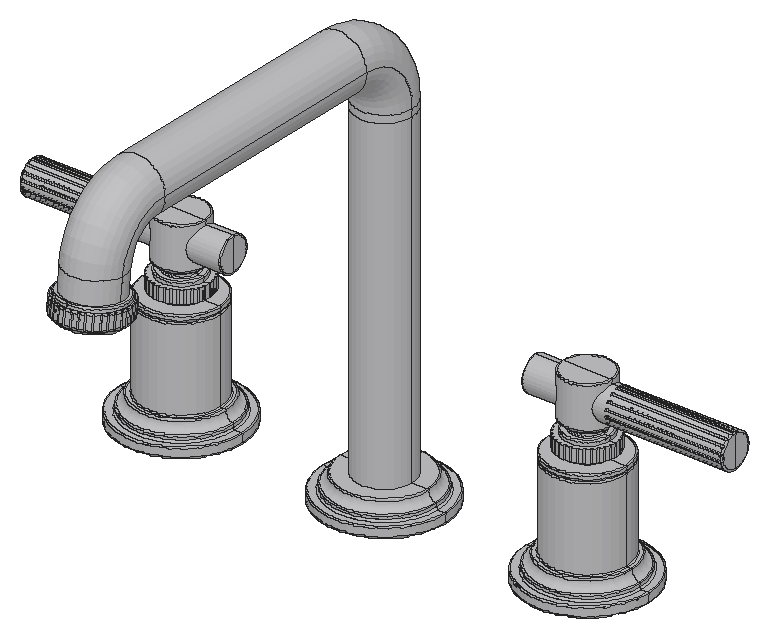
Revit family "Faucet-Deck_Mount-Bath-KALLISTA-Central_Park_West-P21247", category Plumbing Fixtures, host Face, Revit 2021 (continued)
Definition of nested family "P21247_Spout"
  Lines and regions (in)
    symbolic lines, detail levels medium+fine
      curve 165: line (0, -7.27772, 6.74519) -> (0, -7.30055, 6.48425)
      curve 166: line (0, -7.33444, 6.48721) -> (0, -7.31161, 6.74816)
      curve 167: line (0, -7.39409, 6.75538) -> (0, -7.41692, 6.49443)
      curve 168: line (0, -7.44925, 6.49726) -> (0, -7.42642, 6.7582)
      curve 169: line (0, -7.42642, 6.7582) -> (0, -7.39409, 6.75538)
      curve 170: line (0, -7.31161, 6.74816) -> (0, -7.27772, 6.74519)
      curve 171: line (0, -7.30055, 6.48425) -> (0, -7.33444, 6.48721)
      curve 172: line (0, -7.41692, 6.49443) -> (0, -7.44925, 6.49726)
      curve 173: line (0, -7.50332, 6.77054) -> (0, -7.52726, 6.497)
      curve 174: line (0, -7.55706, 6.49961) -> (0, -7.53313, 6.77315)
      curve 175: line (0, -7.60308, 6.77918) -> (0, -7.6272, 6.50343)
      curve 176: line (0, -7.65356, 6.50573) -> (0, -7.62944, 6.78148)
      curve 177: line (0, -7.68955, 6.78981) -> (0, -7.71427, 6.5072)
      curve 178: line (0, -7.73639, 6.50914) -> (0, -7.71167, 6.79175)
      curve 179: line (0, -7.76032, 6.7998) -> (0, -7.78552, 6.51171)
      curve 180: line (0, -7.80273, 6.51322) -> (0, -7.77752, 6.8013)
      curve 181: line (0, -7.85045, 6.5189) -> (0, -7.82549, 6.80421)
      curve 182: line (0, -7.87863, 6.52018) -> (0, -7.85341, 6.80845)
      curve 183: line (0, -7.83989, 6.80727) -> (0, -7.8649, 6.51898)
      curve 184: line (0, -7.8067, 6.80257) -> (0, -7.83167, 6.51726)
      curve 185: arc (0, -7.53313, 6.77315) -> (0, -7.51692, 6.78675) -> (0, -7.50332, 6.77054) r 0.01496
      curve 186: arc (0, -7.62944, 6.78148) -> (0, -7.61511, 6.79351) -> (0, -7.60308, 6.77918) r 0.01323
      curve 187: arc (0, -7.71167, 6.79175) -> (0, -7.69964, 6.80184) -> (0, -7.68955, 6.78981) r 0.0111
      curve 188: arc (0, -7.71427, 6.5072) -> (0, -7.7263, 6.49711) -> (0, -7.73639, 6.50914) r 0.0111
      curve 189: arc (0, -7.6272, 6.50343) -> (0, -7.64154, 6.4914) -> (0, -7.65356, 6.50573) r 0.01323
      curve 190: arc (0, -7.52726, 6.497) -> (0, -7.54346, 6.4834) -> (0, -7.55706, 6.49961) r 0.01496
      curve 191: arc (0, -7.77752, 6.8013) -> (0, -7.76817, 6.80915) -> (0, -7.76032, 6.7998) r 0.00864
      curve 192: arc (0, -7.82549, 6.80421) -> (0, -7.81527, 6.81278) -> (0, -7.8067, 6.80257) r 0.00943
      curve 193: arc (0, -7.85341, 6.80845) -> (0, -7.84606, 6.81461) -> (0, -7.83989, 6.80727) r 0.00678
      curve 194: arc (0, -7.78552, 6.51171) -> (0, -7.79488, 6.50386) -> (0, -7.80273, 6.51322) r 0.00864
      curve 195: arc (0, -7.83167, 6.51726) -> (0, -7.84188, 6.50869) -> (0, -7.85045, 6.5189) r 0.00943
      curve 196: arc (0, -7.8649, 6.51898) -> (0, -7.87236, 6.51271) -> (0, -7.87863, 6.52018) r 0.00689
      curve 197: line (0, -7.64299, 6.49035) -> (0, -7.64929, 6.41835)
      curve 198: line (0, -7.59407, 6.41352) -> (0, -7.58777, 6.48552)
      curve 199: line (0, -7.54351, 6.4091) -> (0, -7.53721, 6.48109)
      curve 200: line (0, -7.4566, 6.40149) -> (0, -7.45031, 6.47349)
      curve 201: line (0, -7.23409, 6.45457) -> (0, -7.24039, 6.38258)
      curve 202: line (0, -7.17272, 6.37666) -> (0, -7.16642, 6.44865)
      curve 203: line (0, -6.95657, 6.35775) -> (0, -6.95027, 6.42974)
      curve 204: line (0, -6.86337, 6.42214) -> (0, -6.86967, 6.35014)
      curve 205: line (0, -6.81924, 6.34573) -> (0, -6.81294, 6.41773)
      curve 206: line (0, -6.764, 6.3409) -> (0, -6.75771, 6.41289)
  Dimensions and locks (in)
    plane 6 to level = 8.76772"
    plane 1 "Center (Front/Back)" to plane 9 = 7.20472"
    plane 10 to level = 6.40157"
    plane 4 to plane 5 = 2.42126"
    plane 11 to plane 1 "Center (Front/Back)" = 7.88555"
    aligned and locked: plane 2 to level
    aligned and locked: plane 12 "C" to Revolve 3 sketch curve
    aligned and locked: Revolve 4 sketch curve to plane 12 "C"
Definition of nested family "P21247_Handle"
  Parameters (values of type "P21247_Handle")
    Material = none
    Default Elevation = 0"
  Reference planes (in)
    plane 1 "Center (Front/Back)": y = 0
    plane 2: z = 0
    plane 3 "Center (Left/Right)": x = 0
    plane 4: x = -1.21063
    plane 5: x = 1.21063
    plane 6: z = 8.76772
    plane 7: y = 1.21063
    plane 8: y = -1.21063
    plane 9: y = -7.20472
    plane 10: z = 6.40157
    plane 11: y = -7.87402
    plane 12 "C": through (0, -7.19938, 6.46273) normal (0, -0.9962, 0.0872)
    plane 13: z = 3.70079
    plane 14: x = -2.91732
    plane 15: z = 2.94882
    plane 16: z = 3.61447
    plane 17: z = 3.28134
  Forms (in)
    Revolve 1, solid, material <- "Material", detail levels medium+fine
      sketch origin (0, 0, 0) x (1, 0, 0) y (0, 0, 1)
        loop
          line (0, 0) -> (0, 3.70079) -> (-0.46331, 3.70079)
          arc (-0.46331, 3.70079) -> (-0.47723, 3.69502) -> (-0.483, 3.6811) r 0.01969
          line (-0.483, 3.6811) -> (-0.483, 2.88252)
          arc (-0.483, 2.88252) -> (-0.47701, 2.86806) -> (-0.46255, 2.86207) r 0.02045
          line (-0.46255, 2.86207) -> (-0.38807, 2.86207) -> (-0.38807, 2.81183)
          arc (-0.38807, 2.81183) -> (-0.38222, 2.7977) -> (-0.36809, 2.79184) r 0.01999
          line (-0.36809, 2.79184) -> (-0.32794, 2.79184)
          arc (-0.32794, 2.79184) -> (-0.31346, 2.78584) -> (-0.30746, 2.77136) r 0.02048
          line (-0.30746, 2.77136) -> (-0.30746, 2.70366)
          arc (-0.30746, 2.70366) -> (-0.31322, 2.68974) -> (-0.32714, 2.68397) r 0.01969
          line (-0.32714, 2.68397) -> (-0.42415, 2.68397)
          arc (-0.42415, 2.68397) -> (-0.43903, 2.67781) -> (-0.4452, 2.66292) r 0.02105
          line (-0.4452, 2.66292) -> (-0.4452, 2.60172) -> (-0.56021, 2.60172) -> (-0.56021, 2.35564) -> (-0.46395, 2.35564)
          arc (-0.46395, 2.35564) -> (-0.44986, 2.34981) -> (-0.44403, 2.33573) r 0.01992
          line (-0.44403, 2.33573) -> (-0.44403, 2.27377) -> (-0.75126, 2.27377)
          arc (-0.75126, 2.27377) -> (-0.7653, 2.26796) -> (-0.77111, 2.25392) r 0.01985
          line (-0.77111, 2.25392) -> (-0.77111, 2.1855)
          arc (-0.77111, 2.1855) -> (-0.76481, 2.17029) -> (-0.74961, 2.16399) r 0.0215
          line (-0.74961, 2.16399) -> (-0.69394, 2.16399) -> (-0.66537, 2.14399) -> (-0.75143, 2.14399)
          arc (-0.75143, 2.14399) -> (-0.76534, 2.13823) -> (-0.77111, 2.12431) r 0.01969
          line (-0.77111, 2.12431) -> (-0.77111, 0.5146)
          arc (-0.77111, 0.5146) -> (-0.77688, 0.50068) -> (-0.7908, 0.49492) r 0.01969
          line (-0.7908, 0.49492) -> (-0.86015, 0.49492)
          arc (-0.86015, 0.49492) -> (-0.87447, 0.48873) -> (-0.8798, 0.47406) r 0.01969
          arc (-0.8798, 0.47406) -> (-0.91253, 0.36392) -> (-1.00833, 0.30047) r 0.16826
          arc (-1.00833, 0.30047) -> (-1.02136, 0.29212) -> (-1.02642, 0.2775) r 0.02362
          line (-1.02642, 0.2775) -> (-1.02642, 0.22617)
          arc (-1.02642, 0.22617) -> (-1.03601, 0.20301) -> (-1.05917, 0.19342) r 0.03275
          line (-1.05917, 0.19342) -> (-1.19046, 0.19342)
          arc (-1.19046, 0.19342) -> (-1.20472, 0.18751) -> (-1.21063, 0.17324) r 0.02017
          line (-1.21063, 0.17324) -> (-1.21063, 0.01958)
          arc (-1.21063, 0.01958) -> (-1.2049, 0.00573) -> (-1.19105, 0) r 0.01958
          line (-1.19105, 0) -> (0, 0)
        axis (0, 3.70079) -> (0, 0)
      angle from 0 to 360
    Revolve 2, solid, material <- "Material", detail levels medium+fine
      sketch origin (0.1833, 0, 0) x (1, 0, 0) y (0, 0, 1)
        loop
          arc (-3.07218, 3.61447) -> (-3.09229, 3.60614) -> (-3.10062, 3.58602) r 0.02845
          line (-3.10062, 3.58602) -> (-3.10062, 3.28164) -> (0.85041, 3.28164) -> (0.85041, 3.59347)
          arc (0.85041, 3.59347) -> (0.84426, 3.60832) -> (0.82941, 3.61447) r 0.02099
          line (0.82941, 3.61447) -> (-3.07218, 3.61447)
        axis (-3.10062, 3.28164) -> (0.85041, 3.28164)
      angle from 0 to 360
    Extrusion 3, void
      sketch origin (0, 0, 0) x (1, 0, 0) y (0, 1, 0)
        loop
          arc (-0.02455, 0.55968) -> (-0.00406, 0.53935) -> (0.01611, 0.55998) r 0.02033
          arc (0.01611, 0.55998) -> (-0.00422, 0.5602) -> (-0.02455, 0.55968) r 0.56021
      from 2.35564 to 2.60172
    Extrusion 4, void
      sketch origin (0, 0, 0) x (1, 0, 0) y (0, 0, 1)
        loop
          circle (0, 0.28253) r 0.082
      from -1.3347 to -0.81609
    Extrusion 5, void
      sketch origin (0, 0, 0) x (1, 0, 0) y (0, 0, 1)
        loop
          line (-0.0002, 0.32603) -> (-0.0392, 0.30351) -> (-0.0392, 0.25848) -> (-0.0002, 0.23596) -> (0.0388, 0.25848) -> (0.0388, 0.30351) -> (-0.0002, 0.32603)
      from -0.73377 to -0.92691
    Extrusion 6, void
      sketch origin (0, 0, 0) x (1, 0, 0) y (0, 1, 0)
        loop
          arc (-0.23682, 0.5077) -> (-0.20904, 0.49501) -> (-0.19876, 0.52377) r 0.02073
          arc (-0.19876, 0.52377) -> (-0.21794, 0.51608) -> (-0.23682, 0.5077) r 0.56021
        loop
          arc (-0.3312, 0.45182) -> (-0.3018, 0.44629) -> (-0.29598, 0.47564) r 0.02126
          arc (-0.29598, 0.47564) -> (-0.31382, 0.46407) -> (-0.3312, 0.45182) r 0.56021
        loop
          arc (-0.38077, 0.41092) -> (-0.39465, 0.39761) -> (-0.40807, 0.38382) r 0.56021
          arc (-0.40807, 0.38382) -> (-0.37675, 0.37957) -> (-0.38077, 0.41092) r 0.01991
        loop
          arc (-0.47786, 0.29239) -> (-0.44934, 0.29817) -> (-0.45509, 0.3267) r 0.02059
          arc (-0.45509, 0.3267) -> (-0.46679, 0.30975) -> (-0.47786, 0.29239) r 0.56021
        loop
          arc (-0.55989, -0.01896) -> (-0.54093, 0) -> (-0.55989, 0.01896) r 0.01896
          arc (-0.55989, 0.01896) -> (-0.56021, 0) -> (-0.55989, -0.01896) r 0.56021
        loop
          arc (-0.51035, 0.23105) -> (-0.51817, 0.21292) -> (-0.52536, 0.19453) r 0.56021
          arc (-0.52536, 0.19453) -> (-0.49982, 0.20538) -> (-0.51035, 0.23105) r 0.01975
        loop
          arc (-0.54492, 0.13001) -> (-0.54942, 0.10946) -> (-0.55314, 0.08876) r 0.56021
          arc (-0.55314, 0.08876) -> (-0.52922, 0.10544) -> (-0.54492, 0.13001) r 0.02105
        loop
          arc (-0.55324, -0.08811) -> (-0.54964, -0.10834) -> (-0.5453, -0.12842) r 0.56021
          arc (-0.5453, -0.12842) -> (-0.52862, -0.1042) -> (-0.55324, -0.08811) r 0.02055
        loop
          arc (-0.52489, -0.19579) -> (-0.51793, -0.21351) -> (-0.51038, -0.23099) r 0.56021
          arc (-0.51038, -0.23099) -> (-0.49783, -0.20523) -> (-0.52489, -0.19579) r 0.01917
        loop
          arc (-0.47755, -0.29289) -> (-0.4664, -0.31033) -> (-0.45462, -0.32735) r 0.56021
          arc (-0.45462, -0.32735) -> (-0.44915, -0.29886) -> (-0.47755, -0.29289) r 0.0207
        loop
          arc (-0.41108, -0.3806) -> (-0.3984, -0.39385) -> (-0.38529, -0.40669) r 0.56021
          arc (-0.38529, -0.40669) -> (-0.3839, -0.37952) -> (-0.41108, -0.3806) r 0.01842
        loop
          arc (-0.32992, -0.45276) -> (-0.31368, -0.46416) -> (-0.29704, -0.47498) r 0.56021
          arc (-0.29704, -0.47498) -> (-0.30206, -0.44697) -> (-0.32992, -0.45276) r 0.01985
        loop
          arc (-0.23448, -0.50878) -> (-0.21728, -0.51636) -> (-0.19984, -0.52336) r 0.56021
          arc (-0.19984, -0.52336) -> (-0.20907, -0.49685) -> (-0.23448, -0.50878) r 0.01889
        loop
          arc (-0.13201, -0.54444) -> (-0.11339, -0.54862) -> (-0.09463, -0.55216) r 0.56021
          arc (-0.09463, -0.55216) -> (-0.10886, -0.52671) -> (-0.13201, -0.54444) r 0.01929
        loop
          arc (-0.02252, -0.55976) -> (-0.00354, -0.5602) -> (0.01545, -0.56) r 0.56021
          arc (0.01545, -0.56) -> (-0.00338, -0.53594) -> (-0.02252, -0.55976) r 0.0195
        loop
          arc (0.55989, -0.01896) -> (0.56021, 0) -> (0.55989, 0.01896) r 0.56021
          arc (0.55989, 0.01896) -> (0.54093, 0) -> (0.55989, -0.01896) r 0.01896
        loop
          arc (0.55324, -0.08811) -> (0.52862, -0.1042) -> (0.5453, -0.12842) r 0.02055
          arc (0.5453, -0.12842) -> (0.54964, -0.10834) -> (0.55324, -0.08811) r 0.56021
        loop
          arc (0.52489, -0.19579) -> (0.49783, -0.20523) -> (0.51038, -0.23099) r 0.01917
          arc (0.51038, -0.23099) -> (0.51793, -0.21351) -> (0.52489, -0.19579) r 0.56021
        loop
          arc (0.47755, -0.29289) -> (0.44915, -0.29886) -> (0.45462, -0.32735) r 0.0207
          arc (0.45462, -0.32735) -> (0.4664, -0.31033) -> (0.47755, -0.29289) r 0.56021
        loop
          arc (0.41108, -0.3806) -> (0.3839, -0.37952) -> (0.38529, -0.40669) r 0.01842
          arc (0.38529, -0.40669) -> (0.3984, -0.39385) -> (0.41108, -0.3806) r 0.56021
        loop
          arc (0.32992, -0.45276) -> (0.30206, -0.44697) -> (0.29704, -0.47498) r 0.01985
          arc (0.29704, -0.47498) -> (0.31368, -0.46416) -> (0.32992, -0.45276) r 0.56021
        loop
          arc (0.23448, -0.50878) -> (0.20907, -0.49685) -> (0.19984, -0.52336) r 0.01889
          arc (0.19984, -0.52336) -> (0.21728, -0.51636) -> (0.23448, -0.50878) r 0.56021
        loop
          arc (0.13201, -0.54444) -> (0.10886, -0.52671) -> (0.09463, -0.55216) r 0.01929
          arc (0.09463, -0.55216) -> (0.11339, -0.54862) -> (0.13201, -0.54444) r 0.56021
        loop
          arc (0.23682, 0.5077) -> (0.21794, 0.51608) -> (0.19876, 0.52377) r 0.56021
          arc (0.19876, 0.52377) -> (0.20904, 0.49501) -> (0.23682, 0.5077) r 0.02073
        loop
          arc (0.3312, 0.45182) -> (0.31382, 0.46407) -> (0.29598, 0.47564) r 0.56021
          arc (0.29598, 0.47564) -> (0.3018, 0.44629) -> (0.3312, 0.45182) r 0.02126
        loop
          arc (0.38077, 0.41092) -> (0.37675, 0.37957) -> (0.40807, 0.38382) r 0.01991
          arc (0.40807, 0.38382) -> (0.39465, 0.39761) -> (0.38077, 0.41092) r 0.56021
        loop
          arc (0.47786, 0.29239) -> (0.46679, 0.30975) -> (0.45509, 0.3267) r 0.56021
          arc (0.45509, 0.3267) -> (0.44934, 0.29817) -> (0.47786, 0.29239) r 0.02059
        loop
          arc (0.51035, 0.23105) -> (0.49982, 0.20538) -> (0.52536, 0.19453) r 0.01975
          arc (0.52536, 0.19453) -> (0.51817, 0.21292) -> (0.51035, 0.23105) r 0.56021
        loop
          arc (0.54492, 0.13001) -> (0.52922, 0.10544) -> (0.55314, 0.08876) r 0.02105
          arc (0.55314, 0.08876) -> (0.54942, 0.10946) -> (0.54492, 0.13001) r 0.56021
        loop
          arc (-0.13043, 0.54482) -> (-0.10744, 0.52694) -> (-0.09329, 0.55239) r 0.01918
          arc (-0.09329, 0.55239) -> (-0.11192, 0.54892) -> (-0.13043, 0.54482) r 0.56021
        loop
          arc (0.13043, 0.54482) -> (0.11192, 0.54892) -> (0.09329, 0.55239) r 0.56021
          arc (0.09329, 0.55239) -> (0.10744, 0.52694) -> (0.13043, 0.54482) r 0.01918
      from 2.35564 to 2.60172
    Revolve 7, solid, material <- "Material", detail levels coarse
      sketch origin (0, 0, 0) x (0, 1, 0) y (0, 0, 1)
        loop
          line (1.21063, 0.19346) -> (1.02665, 0.19346) -> (1.02665, 0.27635) -> (0.86458, 0.49478) -> (0.7711, 0.49478) -> (0.7711, 2.14399) -> (0.66537, 2.14399) -> (0.69339, 2.16431) -> (0.771, 2.16431) -> (0.771, 2.27379) -> (0.44403, 2.27379) -> (0.44403, 2.35564) -> (0.55989, 2.35564) -> (0.55989, 2.60172) -> (0.4452, 2.60172) -> (0.4452, 2.68357) -> (0.30754, 2.68357) -> (0.30754, 2.79175) -> (0.38807, 2.79175) -> (0.38807, 2.86207) -> (0.48311, 2.86207) -> (0.48311, 3.70079) -> (0, 3.70079) -> (0, 0) -> (1.21063, 0) -> (1.21063, 0.19346)
        axis (0, 0) -> (0, 3.70079)
      angle from 0 to 360
    Extrusion 8, solid, material <- "Material", detail levels medium+fine
      sketch origin (0, 0, 0) x (1, 0, 0) y (0, 1, 0)
        loop
          circle (0, 0) r 0.0772
      from 0 to 0.076
    Extrusion 9, void
      sketch origin (0, 0, 0) x (0, 1, 0) y (0, 0, 1)
        loop
          arc (0.0402, 3.61203) -> (0.05567, 3.58612) -> (0.07932, 3.60488) r 0.02006
          arc (0.07932, 3.60488) -> (0.05986, 3.60904) -> (0.0402, 3.61203) r 0.33282
        loop
          arc (0.16357, 3.5715) -> (0.16795, 3.54164) -> (0.19698, 3.54992) r 0.02006
          arc (0.19698, 3.54992) -> (0.1806, 3.56121) -> (0.16357, 3.5715) r 0.33282
        loop
          arc (0.26204, 3.48684) -> (0.25467, 3.45758) -> (0.28465, 3.45412) r 0.02006
          arc (0.28465, 3.45412) -> (0.27383, 3.47082) -> (0.26204, 3.48684) r 0.33282
        loop
          arc (0.32062, 3.37094) -> (0.30261, 3.34673) -> (0.32898, 3.33206) r 0.02006
          arc (0.32898, 3.33206) -> (0.32538, 3.35163) -> (0.32062, 3.37094) r 0.33282
        loop
          arc (0.0402, 2.95126) -> (0.05986, 2.95425) -> (0.07932, 2.95841) r 0.33282
          arc (0.07932, 2.95841) -> (0.05567, 2.97716) -> (0.0402, 2.95126) r 0.02006
        loop
          arc (0.16357, 2.99179) -> (0.1806, 3.00208) -> (0.19698, 3.01337) r 0.33282
          arc (0.19698, 3.01337) -> (0.16795, 3.02165) -> (0.16357, 2.99179) r 0.02006
        loop
          arc (0.26204, 3.07645) -> (0.27383, 3.09247) -> (0.28465, 3.10917) r 0.33282
          arc (0.28465, 3.10917) -> (0.25467, 3.10571) -> (0.26204, 3.07645) r 0.02006
        loop
          arc (0.32062, 3.19235) -> (0.32538, 3.21166) -> (0.32898, 3.23123) r 0.33282
          arc (0.32898, 3.23123) -> (0.30261, 3.21656) -> (0.32062, 3.19235) r 0.02006
        loop
          arc (-0.0402, 3.61203) -> (-0.05986, 3.60904) -> (-0.07932, 3.60488) r 0.33282
          arc (-0.07932, 3.60488) -> (-0.05567, 3.58612) -> (-0.0402, 3.61203) r 0.02006
        loop
          arc (-0.16357, 3.5715) -> (-0.1806, 3.56121) -> (-0.19698, 3.54992) r 0.33282
          arc (-0.19698, 3.54992) -> (-0.16795, 3.54164) -> (-0.16357, 3.5715) r 0.02006
        loop
          arc (-0.26204, 3.48684) -> (-0.27383, 3.47082) -> (-0.28465, 3.45412) r 0.33282
          arc (-0.28465, 3.45412) -> (-0.25467, 3.45758) -> (-0.26204, 3.48684) r 0.02006
        loop
          arc (-0.32062, 3.37094) -> (-0.32538, 3.35163) -> (-0.32898, 3.33206) r 0.33282
          arc (-0.32898, 3.33206) -> (-0.30261, 3.34673) -> (-0.32062, 3.37094) r 0.02006
        loop
          arc (-0.0402, 2.95126) -> (-0.05567, 2.97716) -> (-0.07932, 2.95841) r 0.02006
          arc (-0.07932, 2.95841) -> (-0.05986, 2.95425) -> (-0.0402, 2.95126) r 0.33282
        loop
          arc (-0.16357, 2.99179) -> (-0.16795, 3.02165) -> (-0.19698, 3.01337) r 0.02006
          arc (-0.19698, 3.01337) -> (-0.1806, 3.00208) -> (-0.16357, 2.99179) r 0.33282
        loop
          arc (-0.26204, 3.07645) -> (-0.25467, 3.10571) -> (-0.28465, 3.10917) r 0.02006
          arc (-0.28465, 3.10917) -> (-0.27383, 3.09247) -> (-0.26204, 3.07645) r 0.33282
        loop
          arc (-0.32062, 3.19235) -> (-0.30261, 3.21656) -> (-0.32898, 3.23123) r 0.02006
          arc (-0.32898, 3.23123) -> (-0.32538, 3.21166) -> (-0.32062, 3.19235) r 0.33282
      from -2.95145 to -0.61304
    Revolve 10, solid, material <- "Material", detail levels coarse
      sketch origin (0, 0, 3.28164) x (1, 0, 0) y (0, 1, 0)
        loop
          line (-2.91732, 0.33299) -> (-2.91732, 0) -> (1.03409, 0) -> (1.03409, 0.33299) -> (-2.91732, 0.33299)
        axis (1.03409, 0) -> (-2.91732, 0)
      angle from 0 to 360
  Cuts and joins
    Extrusion 3, Extrusion 4, Extrusion 5, Extrusion 6 cuts Revolve 1
    Extrusion 6, Extrusion 9 cuts Revolve 2
    joined: Revolve 1, Revolve 2
    Extrusion 9 cuts Revolve 7
    joined: Revolve 7, Revolve 10
  Lines and regions (in)
    Masking region 1
      outline origin (0, 0, 0) x (1, 0, 0) y (0, 0, 1)
        loop
          line (-1.18955, 0) -> (1.18955, 0)
          arc (1.18955, 0) -> (1.20446, 0.00617) -> (1.21063, 0.02108) r 0.02108
          line (1.21063, 0.02108) -> (1.21063, 0.17335)
          arc (1.21063, 0.17335) -> (1.20474, 0.18757) -> (1.19052, 0.19346) r 0.02011
          line (1.19052, 0.19346) -> (1.05785, 0.19346)
          arc (1.05785, 0.19346) -> (1.03579, 0.2026) -> (1.02665, 0.22467) r 0.0312
          line (1.02665, 0.22467) -> (1.02665, 0.2772)
          arc (1.02665, 0.2772) -> (1.02162, 0.292) -> (1.0086, 0.30067) r 0.02429
          arc (1.0086, 0.30067) -> (0.91373, 0.36505) -> (0.87962, 0.4745) r 0.17374
          arc (0.87962, 0.4745) -> (0.87413, 0.4888) -> (0.86003, 0.49478) r 0.01961
          line (0.86003, 0.49478) -> (0.7926, 0.49478)
          arc (0.7926, 0.49478) -> (0.77739, 0.50108) -> (0.7711, 0.51628) r 0.0215
          line (0.7711, 0.51628) -> (0.7711, 2.12431)
          arc (0.7711, 2.12431) -> (0.76533, 2.13823) -> (0.75141, 2.14399) r 0.01969
          line (0.75141, 2.14399) -> (0.66537, 2.14399) -> (0.69339, 2.16431) -> (0.7499, 2.16431)
          arc (0.7499, 2.16431) -> (0.76482, 2.17049) -> (0.771, 2.18541) r 0.0211
          line (0.771, 2.18541) -> (0.771, 2.2541)
          arc (0.771, 2.2541) -> (0.76524, 2.26802) -> (0.75132, 2.27379) r 0.01969
          line (0.75132, 2.27379) -> (0.44403, 2.27379) -> (0.44403, 2.33466)
          arc (0.44403, 2.33466) -> (0.45017, 2.3495) -> (0.46502, 2.35564) r 0.02099
          line (0.46502, 2.35564) -> (0.55989, 2.35564) -> (0.55989, 2.60172) -> (0.4452, 2.60172) -> (0.4452, 2.66389)
          arc (0.4452, 2.66389) -> (0.43943, 2.67781) -> (0.42551, 2.68357) r 0.01969
          line (0.42551, 2.68357) -> (0.32723, 2.68357)
          arc (0.32723, 2.68357) -> (0.31331, 2.68934) -> (0.30754, 2.70326) r 0.01969
          line (0.30754, 2.70326) -> (0.30754, 2.77055)
          arc (0.30754, 2.77055) -> (0.31375, 2.78554) -> (0.32875, 2.79175) r 0.0212
          line (0.32875, 2.79175) -> (0.36839, 2.79175)
          arc (0.36839, 2.79175) -> (0.38231, 2.79752) -> (0.38807, 2.81144) r 0.01969
          line (0.38807, 2.81144) -> (0.38807, 2.86207) -> (0.46213, 2.86207)
          arc (0.46213, 2.86207) -> (0.47697, 2.86821) -> (0.48311, 2.88304) r 0.02097
          line (0.48311, 2.88304) -> (0.48311, 2.94882) -> (1.01329, 2.94882)
          arc (1.01329, 2.94882) -> (1.02773, 2.9548) -> (1.03371, 2.96924) r 0.02042
          line (1.03371, 2.96924) -> (1.03371, 3.59478)
          arc (1.03371, 3.59478) -> (1.02794, 3.6087) -> (1.01402, 3.61447) r 0.01969
          line (1.01402, 3.61447) -> (0.4831, 3.61447) -> (0.4831, 3.67883)
          arc (0.4831, 3.67883) -> (0.47666, 3.69436) -> (0.46114, 3.70079) r 0.02196
          line (0.46114, 3.70079) -> (-0.46286, 3.70079)
          arc (-0.46286, 3.70079) -> (-0.47718, 3.69486) -> (-0.48311, 3.68054) r 0.02025
          line (-0.48311, 3.68054) -> (-0.48311, 3.61447) -> (-2.89699, 3.61447)
          arc (-2.89699, 3.61447) -> (-2.91137, 3.60851) -> (-2.91732, 3.59414) r 0.02033
          line (-2.91732, 3.59414) -> (-2.91732, 2.96974)
          arc (-2.91732, 2.96974) -> (-2.91119, 2.95495) -> (-2.8964, 2.94882) r 0.02092
          line (-2.8964, 2.94882) -> (-0.48311, 2.94882) -> (-0.48311, 2.88304)
          arc (-0.48311, 2.88304) -> (-0.47697, 2.86821) -> (-0.46213, 2.86207) r 0.02097
          line (-0.46213, 2.86207) -> (-0.38807, 2.86207) -> (-0.38807, 2.81144)
          arc (-0.38807, 2.81144) -> (-0.38231, 2.79752) -> (-0.36839, 2.79175) r 0.01969
          line (-0.36839, 2.79175) -> (-0.32875, 2.79175)
          arc (-0.32875, 2.79175) -> (-0.31375, 2.78554) -> (-0.30754, 2.77055) r 0.0212
          line (-0.30754, 2.77055) -> (-0.30754, 2.70326)
          arc (-0.30754, 2.70326) -> (-0.31331, 2.68934) -> (-0.32723, 2.68357) r 0.01969
          line (-0.32723, 2.68357) -> (-0.42551, 2.68357)
          arc (-0.42551, 2.68357) -> (-0.43943, 2.67781) -> (-0.4452, 2.66389) r 0.01969
          line (-0.4452, 2.66389) -> (-0.4452, 2.60172) -> (-0.55989, 2.60172) -> (-0.55989, 2.35564) -> (-0.46502, 2.35564)
          arc (-0.46502, 2.35564) -> (-0.45017, 2.3495) -> (-0.44403, 2.33466) r 0.02099
          line (-0.44403, 2.33466) -> (-0.44403, 2.27379) -> (-0.75132, 2.27379)
          arc (-0.75132, 2.27379) -> (-0.76524, 2.26802) -> (-0.771, 2.2541) r 0.01969
          line (-0.771, 2.2541) -> (-0.771, 2.18541)
          arc (-0.771, 2.18541) -> (-0.76482, 2.17049) -> (-0.7499, 2.16431) r 0.0211
          line (-0.7499, 2.16431) -> (-0.69339, 2.16431) -> (-0.66537, 2.14399) -> (-0.75141, 2.14399)
          arc (-0.75141, 2.14399) -> (-0.76533, 2.13823) -> (-0.7711, 2.12431) r 0.01969
          line (-0.7711, 2.12431) -> (-0.7711, 0.51628)
          arc (-0.7711, 0.51628) -> (-0.77739, 0.50108) -> (-0.7926, 0.49478) r 0.0215
          line (-0.7926, 0.49478) -> (-0.86003, 0.49478)
          arc (-0.86003, 0.49478) -> (-0.87413, 0.4888) -> (-0.87962, 0.4745) r 0.01961
          arc (-0.87962, 0.4745) -> (-0.91373, 0.36505) -> (-1.0086, 0.30067) r 0.17374
          arc (-1.0086, 0.30067) -> (-1.02162, 0.292) -> (-1.02665, 0.2772) r 0.02429
          line (-1.02665, 0.2772) -> (-1.02665, 0.22467)
          arc (-1.02665, 0.22467) -> (-1.03579, 0.2026) -> (-1.05785, 0.19346) r 0.0312
          line (-1.05785, 0.19346) -> (-1.19052, 0.19346)
          arc (-1.19052, 0.19346) -> (-1.20474, 0.18757) -> (-1.21063, 0.17335) r 0.02011
          line (-1.21063, 0.17335) -> (-1.21063, 0.02108)
          arc (-1.21063, 0.02108) -> (-1.20446, 0.00617) -> (-1.18955, 0) r 0.02108
    Masking region 2
      outline origin (0, 0, 0) x (0, 1, 0) y (0, 0, 1)
        loop
          arc (1.18955, 0) -> (1.20446, 0.00617) -> (1.21063, 0.02108) r 0.02108
          line (1.21063, 0.02108) -> (1.21063, 0.17335)
          arc (1.21063, 0.17335) -> (1.20474, 0.18757) -> (1.19052, 0.19346) r 0.02011
          line (1.19052, 0.19346) -> (1.05785, 0.19346)
          arc (1.05785, 0.19346) -> (1.03579, 0.2026) -> (1.02665, 0.22467) r 0.0312
          line (1.02665, 0.22467) -> (1.02665, 0.2772)
          arc (1.02665, 0.2772) -> (1.02162, 0.292) -> (1.0086, 0.30067) r 0.02429
          arc (1.0086, 0.30067) -> (0.91373, 0.36505) -> (0.87962, 0.4745) r 0.17374
          arc (0.87962, 0.4745) -> (0.87413, 0.4888) -> (0.86003, 0.49478) r 0.01961
          line (0.86003, 0.49478) -> (0.7926, 0.49478)
          arc (0.7926, 0.49478) -> (0.77739, 0.50108) -> (0.7711, 0.51628) r 0.0215
          line (0.7711, 0.51628) -> (0.7711, 2.12431)
          arc (0.7711, 2.12431) -> (0.76533, 2.13823) -> (0.75141, 2.14399) r 0.01969
          line (0.75141, 2.14399) -> (0.66537, 2.14399) -> (0.69339, 2.16431) -> (0.7499, 2.16431)
          arc (0.7499, 2.16431) -> (0.76482, 2.17049) -> (0.771, 2.18541) r 0.0211
          line (0.771, 2.18541) -> (0.771, 2.2541)
          arc (0.771, 2.2541) -> (0.76524, 2.26802) -> (0.75132, 2.27379) r 0.01969
          line (0.75132, 2.27379) -> (0.44403, 2.27379) -> (0.44403, 2.33466)
          arc (0.44403, 2.33466) -> (0.45017, 2.3495) -> (0.46502, 2.35564) r 0.02099
          line (0.46502, 2.35564) -> (0.55989, 2.35564) -> (0.55989, 2.60172) -> (0.4452, 2.60172) -> (0.4452, 2.66389)
          arc (0.4452, 2.66389) -> (0.43943, 2.67781) -> (0.42551, 2.68357) r 0.01969
          line (0.42551, 2.68357) -> (0.32723, 2.68357)
          arc (0.32723, 2.68357) -> (0.31331, 2.68934) -> (0.30754, 2.70326) r 0.01969
          line (0.30754, 2.70326) -> (0.30754, 2.77055)
          arc (0.30754, 2.77055) -> (0.31375, 2.78554) -> (0.32875, 2.79175) r 0.0212
          line (0.32875, 2.79175) -> (0.36839, 2.79175)
          arc (0.36839, 2.79175) -> (0.38231, 2.79752) -> (0.38807, 2.81144) r 0.01969
          line (0.38807, 2.81144) -> (0.38807, 2.86207) -> (0.46213, 2.86207)
          arc (0.46213, 2.86207) -> (0.47697, 2.86821) -> (0.48311, 2.88304) r 0.02097
          line (0.48311, 2.88304) -> (0.48311, 3.68054)
          arc (0.48311, 3.68054) -> (0.47718, 3.69486) -> (0.46286, 3.70079) r 0.02025
          line (0.46286, 3.70079) -> (-0.46114, 3.70079)
          arc (-0.46114, 3.70079) -> (-0.47666, 3.69436) -> (-0.48311, 3.67883) r 0.02196
          line (-0.48311, 3.67883) -> (-0.48311, 2.88304)
          arc (-0.48311, 2.88304) -> (-0.47697, 2.86821) -> (-0.46213, 2.86207) r 0.02097
          line (-0.46213, 2.86207) -> (-0.38807, 2.86207) -> (-0.38807, 2.81144)
          arc (-0.38807, 2.81144) -> (-0.38231, 2.79752) -> (-0.36839, 2.79175) r 0.01969
          line (-0.36839, 2.79175) -> (-0.32875, 2.79175)
          arc (-0.32875, 2.79175) -> (-0.31375, 2.78554) -> (-0.30754, 2.77055) r 0.0212
          line (-0.30754, 2.77055) -> (-0.30754, 2.70326)
          arc (-0.30754, 2.70326) -> (-0.31331, 2.68934) -> (-0.32723, 2.68357) r 0.01969
          line (-0.32723, 2.68357) -> (-0.42551, 2.68357)
          arc (-0.42551, 2.68357) -> (-0.43943, 2.67781) -> (-0.4452, 2.66389) r 0.01969
          line (-0.4452, 2.66389) -> (-0.4452, 2.60172) -> (-0.55989, 2.60172) -> (-0.55989, 2.35564) -> (-0.46502, 2.35564)
          arc (-0.46502, 2.35564) -> (-0.45017, 2.3495) -> (-0.44403, 2.33466) r 0.02099
          line (-0.44403, 2.33466) -> (-0.44403, 2.27379) -> (-0.75132, 2.27379)
          arc (-0.75132, 2.27379) -> (-0.76524, 2.26802) -> (-0.771, 2.2541) r 0.01969
          line (-0.771, 2.2541) -> (-0.771, 2.18541)
          arc (-0.771, 2.18541) -> (-0.76482, 2.17049) -> (-0.7499, 2.16431) r 0.0211
          line (-0.7499, 2.16431) -> (-0.69339, 2.16431) -> (-0.66537, 2.14399) -> (-0.75141, 2.14399)
          arc (-0.75141, 2.14399) -> (-0.76533, 2.13823) -> (-0.7711, 2.12431) r 0.01969
          line (-0.7711, 2.12431) -> (-0.7711, 0.51628)
          arc (-0.7711, 0.51628) -> (-0.77739, 0.50108) -> (-0.7926, 0.49478) r 0.0215
          line (-0.7926, 0.49478) -> (-0.86003, 0.49478)
          arc (-0.86003, 0.49478) -> (-0.87413, 0.4888) -> (-0.87962, 0.4745) r 0.01961
          arc (-0.87962, 0.4745) -> (-0.91373, 0.36505) -> (-1.0086, 0.30067) r 0.17374
          arc (-1.0086, 0.30067) -> (-1.02162, 0.292) -> (-1.02665, 0.2772) r 0.02429
          line (-1.02665, 0.2772) -> (-1.02665, 0.22467)
          arc (-1.02665, 0.22467) -> (-1.03579, 0.2026) -> (-1.05785, 0.19346) r 0.0312
          line (-1.05785, 0.19346) -> (-1.19052, 0.19346)
          arc (-1.19052, 0.19346) -> (-1.20474, 0.18757) -> (-1.21063, 0.17335) r 0.02011
          line (-1.21063, 0.17335) -> (-1.21063, 0.02108)
          arc (-1.21063, 0.02108) -> (-1.20446, 0.00617) -> (-1.18955, 0) r 0.02108
          line (-1.18955, 0) -> (1.18955, 0)
    Masking region 3
      outline origin (0, 0, 0) x (1, 0, 0) y (0, 1, 0)
        loop
          line (-2.91732, 0.31164) -> (-2.91732, -0.31199)
          arc (-2.91732, -0.31199) -> (-2.911, -0.32726) -> (-2.89573, -0.33358) r 0.0216
          line (-2.89573, -0.33358) -> (-1.16376, -0.33358)
          arc (-1.16376, -0.33358) -> (1.21063, 0.00031) -> (-1.16394, 0.33299) r 1.21063
          line (-1.16394, 0.33299) -> (-2.89598, 0.33299)
          arc (-2.89598, 0.33299) -> (-2.91107, 0.32673) -> (-2.91732, 0.31164) r 0.02134
    symbolic lines, detail levels medium+fine
      curve 1: arc (-0.55989, 0.01896, 0) -> (-0.55761, 0.05397, 0) -> (-0.55314, 0.08876, 0) r 0.56021
      curve 2: arc (-0.13043, 0.54482, 0) -> (-0.10744, 0.52694, 0) -> (-0.09329, 0.55239, 0) r 0.01918
      curve 3: arc (-0.02455, 0.55968, 0) -> (-0.00406, 0.53935, 0) -> (0.01611, 0.55998, 0) r 0.02033
      curve 4: arc (0.09329, 0.55239, 0) -> (0.10744, 0.52694, 0) -> (0.13043, 0.54482, 0) r 0.01918
      curve 5: arc (-0.3312, 0.45182, 0) -> (-0.3018, 0.44629, 0) -> (-0.29598, 0.47564, 0) r 0.02126
      curve 6: arc (-0.40807, 0.38382, 0) -> (-0.37675, 0.37957, 0) -> (-0.38077, 0.41092, 0) r 0.01991
      curve 7: arc (-0.47786, 0.29239, 0) -> (-0.44934, 0.29817, 0) -> (-0.45509, 0.3267, 0) r 0.02059
      curve 8: arc (-0.52536, 0.19453, 0) -> (-0.49982, 0.20538, 0) -> (-0.51035, 0.23105, 0) r 0.01975
      curve 9: arc (-0.55314, 0.08876, 0) -> (-0.52922, 0.10544, 0) -> (-0.54492, 0.13001, 0) r 0.02105
      curve 10: arc (-0.55989, -0.01896, 0) -> (-0.54093, 0, 0) -> (-0.55989, 0.01896, 0) r 0.01896
      curve 11: arc (-0.5453, -0.12842, 0) -> (-0.52862, -0.1042, 0) -> (-0.55324, -0.08811, 0) r 0.02055
      curve 12: arc (-0.51038, -0.23099, 0) -> (-0.49783, -0.20523, 0) -> (-0.52489, -0.19579, 0) r 0.01917
      curve 13: arc (-0.45462, -0.32735, 0) -> (-0.44915, -0.29886, 0) -> (-0.47755, -0.29289, 0) r 0.0207
      curve 14: arc (-0.38529, -0.40669, 0) -> (-0.3839, -0.37952, 0) -> (-0.41108, -0.3806, 0) r 0.01842
      curve 15: arc (-0.29704, -0.47498, 0) -> (-0.30206, -0.44697, 0) -> (-0.32992, -0.45276, 0) r 0.01985
      curve 16: arc (-0.19984, -0.52336, 0) -> (-0.20907, -0.49685, 0) -> (-0.23448, -0.50878, 0) r 0.01889
      curve 17: arc (-0.09463, -0.55216, 0) -> (-0.10886, -0.52671, 0) -> (-0.13201, -0.54444, 0) r 0.01929
      curve 18: arc (0.01545, -0.56, 0) -> (-0.00338, -0.53594, 0) -> (-0.02252, -0.55976, 0) r 0.0195
      curve 19: arc (0.13201, -0.54444, 0) -> (0.10886, -0.52671, 0) -> (0.09463, -0.55216, 0) r 0.01929
      curve 20: arc (0.23448, -0.50878, 0) -> (0.20907, -0.49685, 0) -> (0.19984, -0.52336, 0) r 0.01889
      curve 21: arc (0.32992, -0.45276, 0) -> (0.30206, -0.44697, 0) -> (0.29704, -0.47498, 0) r 0.01985
      curve 22: arc (0.41108, -0.3806, 0) -> (0.3839, -0.37952, 0) -> (0.38529, -0.40669, 0) r 0.01842
      curve 23: arc (0.47755, -0.29289, 0) -> (0.44915, -0.29886, 0) -> (0.45462, -0.32735, 0) r 0.0207
      curve 24: arc (0.52489, -0.19579, 0) -> (0.49783, -0.20523, 0) -> (0.51038, -0.23099, 0) r 0.01917
      curve 25: arc (0.55324, -0.08811, 0) -> (0.52862, -0.1042, 0) -> (0.5453, -0.12842, 0) r 0.02055
      curve 26: arc (0.55989, 0.01896, 0) -> (0.54093, 0, 0) -> (0.55989, -0.01896, 0) r 0.01896
      curve 27: arc (0.54492, 0.13001, 0) -> (0.52922, 0.10544, 0) -> (0.55314, 0.08876, 0) r 0.02105
      curve 28: arc (0.51035, 0.23105, 0) -> (0.49982, 0.20538, 0) -> (0.52536, 0.19453, 0) r 0.01975
      curve 29: arc (0.45509, 0.3267, 0) -> (0.44934, 0.29817, 0) -> (0.47786, 0.29239, 0) r 0.02059
      curve 30: arc (0.38077, 0.41092, 0) -> (0.37675, 0.37957, 0) -> (0.40807, 0.38382, 0) r 0.01991
      curve 31: arc (0.29598, 0.47564, 0) -> (0.3018, 0.44629, 0) -> (0.3312, 0.45182, 0) r 0.02126
      curve 32: arc (0.19876, 0.52377, 0) -> (0.20904, 0.49501, 0) -> (0.23682, 0.5077, 0) r 0.02073
      curve 33: arc (0.55989, -0.01896, 0) -> (0.55764, -0.05364, 0) -> (0.55324, -0.08811, 0) r 0.56021
      curve 34: arc (-0.54492, 0.13001, 0) -> (-0.53611, 0.16256, 0) -> (-0.52536, 0.19453, 0) r 0.56021
      curve 35: arc (-0.51035, 0.23105, 0) -> (-0.49505, 0.26222, 0) -> (-0.47786, 0.29239, 0) r 0.56021
      curve 36: arc (-0.45509, 0.3267, 0) -> (-0.43252, 0.35604, 0) -> (-0.40807, 0.38382, 0) r 0.56021
      curve 37: arc (-0.38077, 0.41092, 0) -> (-0.35657, 0.43208, 0) -> (-0.3312, 0.45182, 0) r 0.56021
      curve 38: arc (-0.29598, 0.47564, 0) -> (-0.26688, 0.49256, 0) -> (-0.23682, 0.5077, 0) r 0.56021
      curve 39: arc (-0.19876, 0.52377, 0) -> (-0.16493, 0.53538, 0) -> (-0.13043, 0.54482, 0) r 0.56021
      curve 40: arc (-0.09329, 0.55239, 0) -> (-0.05903, 0.55709, 0) -> (-0.02455, 0.55968, 0) r 0.56021
      curve 41: arc (0.01611, 0.55998, 0) -> (0.05483, 0.55752, 0) -> (0.09329, 0.55239, 0) r 0.56021
      curve 42: arc (0.13043, 0.54482, 0) -> (0.16493, 0.53538, 0) -> (0.19876, 0.52377, 0) r 0.56021
      curve 43: arc (0.23682, 0.5077, 0) -> (0.26688, 0.49256, 0) -> (0.29598, 0.47564, 0) r 0.56021
      curve 44: arc (-0.55324, -0.08811, 0) -> (-0.55764, -0.05364, 0) -> (-0.55989, -0.01896, 0) r 0.56021
      curve 45: arc (-0.52489, -0.19579, 0) -> (-0.53615, -0.16243, 0) -> (-0.5453, -0.12842, 0) r 0.56021
      curve 46: arc (-0.47755, -0.29289, 0) -> (-0.49493, -0.26246, 0) -> (-0.51038, -0.23099, 0) r 0.56021
      curve 47: arc (-0.41108, -0.3806, 0) -> (-0.43367, -0.35464, 0) -> (-0.45462, -0.32735, 0) r 0.56021
      curve 48: arc (-0.31182, -0.46541, 0) -> (-0.34979, -0.43759, 0) -> (-0.38529, -0.40669, 0) r 0.56021
      curve 49: arc (-0.23448, -0.50878, 0) -> (-0.2663, -0.49288, 0) -> (-0.29704, -0.47498, 0) r 0.56021
      curve 50: arc (-0.13201, -0.54444, 0) -> (-0.16626, -0.53497, 0) -> (-0.19984, -0.52336, 0) r 0.56021
      curve 51: arc (-0.02252, -0.55976, 0) -> (-0.0587, -0.55713, 0) -> (-0.09463, -0.55216, 0) r 0.56021
      curve 52: arc (0.09463, -0.55216, 0) -> (0.05518, -0.55749, 0) -> (0.01545, -0.56, 0) r 0.56021
      curve 53: arc (0.19984, -0.52336, 0) -> (0.16626, -0.53497, 0) -> (0.13201, -0.54444, 0) r 0.56021
      curve 54: arc (0.38529, -0.40669, 0) -> (0.35835, -0.43061, 0) -> (0.32992, -0.45276, 0) r 0.56021
      curve 55: arc (0.45462, -0.32735, 0) -> (0.43367, -0.35464, 0) -> (0.41108, -0.3806, 0) r 0.56021
      curve 56: arc (0.5453, -0.12842, 0) -> (0.53615, -0.16243, 0) -> (0.52489, -0.19579, 0) r 0.56021
      curve 57: arc (0.29704, -0.47498, 0) -> (0.2663, -0.49288, 0) -> (0.23448, -0.50878, 0) r 0.56021
      curve 58: arc (0.51038, -0.23099, 0) -> (0.49493, -0.26246, 0) -> (0.47755, -0.29289, 0) r 0.56021
      curve 59: arc (0.55314, 0.08876, 0) -> (0.55761, 0.05397, 0) -> (0.55989, 0.01896, 0) r 0.56021
      curve 60: arc (0.52536, 0.19453, 0) -> (0.53611, 0.16256, 0) -> (0.54492, 0.13001, 0) r 0.56021
      curve 61: arc (0.47786, 0.29239, 0) -> (0.49505, 0.26222, 0) -> (0.51035, 0.23105, 0) r 0.56021
      curve 62: arc (0.40807, 0.38382, 0) -> (0.43252, 0.35604, 0) -> (0.45509, 0.3267, 0) r 0.56021
      curve 63: arc (0.3312, 0.45182, 0) -> (0.35657, 0.43208, 0) -> (0.38077, 0.41092, 0) r 0.56021
      curve 64: line (-1.16394, 0.33299, 0) -> (-0.45051, 0.33299, 0)
      curve 65: line (-1.16376, -0.33358, 0) -> (-0.45007, -0.33358, 0)
      curve 66: arc (-0.23682, 0.5077, 0) -> (-0.20904, 0.49501, 0) -> (-0.19876, 0.52377, 0) r 0.02073
      curve 67: arc (-0.97201, -0.33358, 0) -> (-0.63225, -0.81016, 0) -> (-0.0874, -1.02394, 0) r 1.02766
      curve 68: arc (-0.81701, -0.33358, 0) -> (0, -0.88249, 0) -> (0.81701, -0.33358, 0) r 0.88249
      curve 69: arc (-0.6085, -0.33358, 0) -> (0, -0.69394, 0) -> (0.6085, -0.33358, 0) r 0.69394
      curve 70: line (1.03409, -0.31165, 0) -> (1.03409, 0.31194, 0)
      curve 71: arc (1.01304, 0.33299, 0) -> (1.02792, 0.32682, 0) -> (1.03409, 0.31194, 0) r 0.02104
      curve 72: arc (1.01216, -0.33358, 0) -> (1.02766, -0.32716, 0) -> (1.03409, -0.31165, 0) r 0.02193
      curve 73: line (0.45051, 0.33299, 0) -> (1.01304, 0.33299, 0)
      curve 74: line (0.45007, -0.33358, 0) -> (1.01216, -0.33358, 0)
      curve 75: circle (0, 0, 0) r 0.48293 normal (0, 0, 1)
      curve 76: arc (0.07513, -1.02491, 0) -> (0.62739, -0.81393, 0) -> (0.97201, -0.33358, 0) r 1.02766
      curve 77: line (-1.05785, 0, 0.19346) -> (1.05785, 0, 0.19346)
      curve 78: line (0.7926, 0, 0.49478) -> (-0.7926, 0, 0.49478)
      curve 79: line (-1.0086, 0, 0.30067) -> (1.0086, 0, 0.30067)
      curve 80: line (-0.87962, 0, 0.4745) -> (0.87962, 0, 0.4745)
      curve 81: line (-1.02665, 0, 0.22467) -> (1.02665, 0, 0.22467)
      curve 82: line (-1.21063, 0, 0.17335) -> (1.21063, 0, 0.17335)
      curve 83: line (1.21063, 0, 0.02108) -> (-1.21063, 0, 0.02108)
      curve 84: line (-0.66537, 0, 2.14399) -> (0.66537, 0, 2.14399)
      curve 85: line (-0.69339, 0, 2.16431) -> (0.69339, 0, 2.16431)
      curve 86: line (-0.44403, 0, 2.27379) -> (0.44403, 0, 2.27379)
      curve 87: line (-0.45462, 0, 2.35564) -> (0.45462, 0, 2.35564)
      curve 88: line (-0.44403, 0, 2.33466) -> (0.44403, 0, 2.33466)
      curve 89: line (-0.45462, 0, 2.60172) -> (0.45462, 0, 2.60172)
      curve 90: line (0.32723, 0, 2.68357) -> (-0.32723, 0, 2.68357)
      curve 91: line (-0.32875, 0, 2.79175) -> (0.32875, 0, 2.79175)
      curve 92: line (-0.38807, 0, 2.86207) -> (0.38807, 0, 2.86207)
      curve 93: arc (-0.48311, 0, 3.61447) -> (-0.37783, 0, 3.28164) -> (-0.48311, 0, 2.94882) r 0.57875
      curve 94: arc (0.48311, 0, 3.61447) -> (0.37783, 0, 3.28164) -> (0.48311, 0, 2.94882) r 0.57875
      curve 95: line (0, 1.05785, 0.19346) -> (0, -1.05785, 0.19346)
      curve 96: line (0, -0.7926, 0.49478) -> (0, 0.7926, 0.49478)
      curve 97: line (0, 0.87962, 0.4745) -> (0, -0.87962, 0.4745)
      curve 98: line (0, -1.0086, 0.30067) -> (0, 1.0086, 0.30067)
      curve 99: line (0, 1.02665, 0.22467) -> (0, -1.02665, 0.22467)
      curve 100: line (0, 1.21063, 0.17335) -> (0, -1.21063, 0.17335)
      curve 101: line (0, -1.21063, 0.02108) -> (0, 1.21063, 0.02108)
      curve 102: line (0, 0.69339, 2.16431) -> (0, -0.69339, 2.16431)
      curve 103: line (0, -0.66537, 2.14399) -> (0, 0.66537, 2.14399)
      curve 104: line (0, 0.771, 2.2541) -> (0, -0.771, 2.2541)
      curve 105: line (0, -0.771, 2.18541) -> (0, 0.771, 2.18541)
      curve 106: line (0, 0.44403, 2.27379) -> (0, -0.44403, 2.27379)
      curve 107: line (0, -0.47564, 2.35564) -> (0, 0.47564, 2.35564)
      curve 108: line (0, 0.47564, 2.60172) -> (0, -0.47564, 2.60172)
      curve 109: line (0, -0.32723, 2.68357) -> (0, 0.32723, 2.68357)
      curve 110: line (0, 0.32875, 2.79175) -> (0, -0.32875, 2.79175)
      curve 111: line (0, 0.38807, 2.86207) -> (0, -0.38807, 2.86207)
      curve 112: line (0, 0.4452, 2.66389) -> (0, -0.4452, 2.66389)
      curve 113: line (0, 0.48311, 3.68054) -> (0, -0.48303, 3.68054)
      curve 114: line (0, 0.48311, 2.88304) -> (0, -0.48311, 2.88304)
      curve 115: line (0, 0.30754, 2.77055) -> (0, -0.30754, 2.77055)
      curve 116: line (0, 0.30754, 2.70326) -> (0, -0.30754, 2.70326)
      curve 117: line (0, 0.55239, 2.35564) -> (0, 0.55239, 2.60172)
      curve 118: line (0, 0.54482, 2.60172) -> (0, 0.54482, 2.35564)
      curve 119: line (0, 0.52377, 2.35564) -> (0, 0.52377, 2.60172)
      curve 120: line (0, 0.01896, 2.35564) -> (0, 0.01896, 2.60172)
      curve 121: line (0, -0.01896, 2.60172) -> (0, -0.01896, 2.35564)
      curve 122: line (0, 0.08876, 2.60172) -> (0, 0.08876, 2.35564)
      curve 123: line (0, 0.13001, 2.35564) -> (0, 0.13001, 2.60172)
      curve 124: line (0, 0.19453, 2.60172) -> (0, 0.19453, 2.35564)
      curve 125: line (0, 0.23105, 2.35564) -> (0, 0.23105, 2.60172)
      curve 126: line (0, 0.29239, 2.60172) -> (0, 0.29239, 2.35564)
      curve 127: line (0, 0.3267, 2.35564) -> (0, 0.3267, 2.60172)
      curve 128: line (0, 0.38997, 2.60172) -> (0, 0.38997, 2.35564)
      curve 129: line (0, 0.47564, 2.35564) -> (0, 0.47564, 2.60172)
      curve 130: line (0, 0.5077, 2.60172) -> (0, 0.5077, 2.35564)
      curve 131: line (0, 0.45182, 2.60172) -> (0, 0.45182, 2.35564)
      curve 132: line (0, -0.55239, 2.35564) -> (0, -0.55239, 2.60172)
      curve 133: line (0, -0.54482, 2.60172) -> (0, -0.54482, 2.35564)
      curve 134: line (0, -0.52377, 2.35564) -> (0, -0.52377, 2.60172)
      curve 135: line (0, -0.08876, 2.60172) -> (0, -0.08876, 2.35564)
      curve 136: line (0, -0.13001, 2.35564) -> (0, -0.13001, 2.60172)
      curve 137: line (0, -0.19453, 2.60172) -> (0, -0.19453, 2.35564)
      curve 138: line (0, -0.23105, 2.35564) -> (0, -0.23105, 2.60172)
      curve 139: line (0, -0.29239, 2.60172) -> (0, -0.29239, 2.35564)
      curve 140: line (0, -0.3267, 2.35564) -> (0, -0.3267, 2.60172)
      curve 141: line (0, -0.38997, 2.60172) -> (0, -0.38997, 2.35564)
      curve 142: line (0, -0.47564, 2.35564) -> (0, -0.47564, 2.60172)
      curve 143: line (0, -0.5077, 2.60172) -> (0, -0.5077, 2.35564)
      curve 144: line (0, -0.4452, 2.60172) -> (0, -0.4452, 2.35564)
      curve 145: line (0, 0.44403, 2.33466) -> (0, -0.44403, 2.33466)
      curve 146: line (-0.4452, 0, 2.66389) -> (0.4452, 0, 2.66389)
      curve 147: line (0.30754, 0, 2.77055) -> (-0.30754, 0, 2.77055)
      curve 148: line (-0.30754, 0, 2.70326) -> (0.30754, 0, 2.70326)
      curve 149: line (-0.38807, 0, 2.81144) -> (0.38807, 0, 2.81144)
      curve 150: line (0.0216, 0, 2.60172) -> (0.0216, 0, 2.35564)
      curve 151: line (-0.02252, 0, 2.35564) -> (-0.02252, 0, 2.60172)
      curve 152: line (-0.09463, 0, 2.60172) -> (-0.09463, 0, 2.35564)
      curve 153: line (-0.13201, 0, 2.35564) -> (-0.13201, 0, 2.60172)
      curve 154: line (-0.19984, 0, 2.60172) -> (-0.19984, 0, 2.35564)
      curve 155: line (-0.23448, 0, 2.35564) -> (-0.23448, 0, 2.60172)
      curve 156: line (-0.29704, 0, 2.60172) -> (-0.29704, 0, 2.35564)
      curve 157: line (-0.32992, 0, 2.35564) -> (-0.32992, 0, 2.60172)
      curve 158: line (-0.38077, 0, 2.35564) -> (-0.38077, 0, 2.60172)
      curve 159: line (-0.41108, 0, 2.35564) -> (-0.41108, 0, 2.60172)
      curve 160: line (-0.45462, 0, 2.60172) -> (-0.45462, 0, 2.35564)
      curve 161: line (-0.47755, 0, 2.35564) -> (-0.47755, 0, 2.60172)
      curve 162: line (-0.51038, 0, 2.60172) -> (-0.51038, 0, 2.35564)
      curve 163: line (-0.55324, 0, 2.35564) -> (-0.55324, 0, 2.60172)
      curve 164: line (-0.5453, 0, 2.60172) -> (-0.5453, 0, 2.35564)
      curve 165: line (0.09463, 0, 2.60172) -> (0.09463, 0, 2.35564)
      curve 166: line (0.13201, 0, 2.35564) -> (0.13201, 0, 2.60172)
      curve 167: line (0.19984, 0, 2.60172) -> (0.19984, 0, 2.35564)
      curve 168: line (0.23448, 0, 2.35564) -> (0.23448, 0, 2.60172)
      curve 169: line (0.29704, 0, 2.60172) -> (0.29704, 0, 2.35564)
      curve 170: line (0.32992, 0, 2.35564) -> (0.32992, 0, 2.60172)
      curve 171: line (0.38077, 0, 2.35564) -> (0.38077, 0, 2.60172)
      curve 172: line (0.41108, 0, 2.35564) -> (0.41108, 0, 2.60172)
      curve 173: line (0.45462, 0, 2.60172) -> (0.45462, 0, 2.35564)
      curve 174: line (0.47755, 0, 2.35564) -> (0.47755, 0, 2.60172)
      curve 175: line (0.51038, 0, 2.60172) -> (0.51038, 0, 2.35564)
      curve 176: line (0.55324, 0, 2.35564) -> (0.55324, 0, 2.60172)
      curve 177: line (0.5453, 0, 2.60172) -> (0.5453, 0, 2.35564)
      curve 178: line (-2.91732, 0, 3.25355) -> (-0.69339, 0, 3.25355)
      curve 179: line (-2.91732, 0, 3.31005) -> (-0.69339, 0, 3.31005)
      curve 180: line (-2.91604, 0, 3.3577) -> (-0.69339, 0, 3.3577)
      curve 181: line (-2.91732, 0, 3.4217) -> (-0.69339, 0, 3.4217)
      curve 182: line (-2.91732, 0, 3.53551) -> (-0.69339, 0, 3.53551)
      curve 183: line (-0.69339, 0, 3.4217) -> (-0.64055, 0, 3.40754)
      curve 184: line (-0.69339, 0, 3.3577) -> (-0.64055, 0, 3.37186)
      curve 185: line (-0.69339, 0, 3.31005) -> (-0.64055, 0, 3.2959)
      curve 186: line (-0.69339, 0, 3.25355) -> (-0.64055, 0, 3.26771)
      curve 187: line (-0.64055, 0, 3.52136) -> (-0.64055, 0, 3.49343)
      curve 188: line (-0.64055, 0, 3.2959) -> (-0.64055, 0, 3.26771)
      curve 189: line (-0.64055, 0, 3.40754) -> (-0.64055, 0, 3.37186)
      curve 190: line (-2.91725, 0, 3.48055) -> (-0.68862, 0, 3.48055)
      curve 191: line (-0.69339, 0, 3.53551) -> (-0.64055, 0, 3.52136)
      curve 192: line (-0.68862, 0, 3.48055) -> (-0.64055, 0, 3.49343)
      curve 193: line (-2.91637, 0, 3.58799) -> (-0.64055, 0, 3.58799)
      curve 194: line (-0.64055, 0, 3.61447) -> (-0.64055, 0, 3.58799)
      curve 195: line (-0.64055, 0, 2.98515) -> (-2.91491, 0, 2.98515)
      curve 196: line (-0.69339, 0, 3.19769) -> (-2.9203, 0, 3.19769)
      curve 197: line (-0.69339, 0, 3.14706) -> (-2.91732, 0, 3.14706)
      curve 198: line (-0.69339, 0, 3.09663) -> (-2.9101, 0, 3.09663)
      curve 199: line (-2.91732, 0, 3.03251) -> (-0.69339, 0, 3.03251)
      curve 200: line (-0.69339, 0, 3.19769) -> (-0.64055, 0, 3.18354)
      curve 201: line (-0.69339, 0, 3.14706) -> (-0.64055, 0, 3.16121)
      curve 202: line (-0.69339, 0, 3.09663) -> (-0.64055, 0, 3.08248)
      curve 203: line (-0.69339, 0, 3.03251) -> (-0.64055, 0, 3.04666)
      curve 204: line (-0.64055, 0, 3.18354) -> (-0.64055, 0, 3.16121)
      curve 205: line (-0.64055, 0, 3.08248) -> (-0.64055, 0, 3.04666)
      curve 206: line (-0.64055, 0, 2.98515) -> (-0.64055, 0, 2.94882)
      curve 207: line (1.01402, 0, 3.61447) -> (1.01402, 0, 2.94821)
      curve 208: arc (0.60883, 0.33299, 0) -> (0, 0.69394, 0) -> (-0.60883, 0.33299, 0) r 0.69394
      curve 209: arc (0.81726, 0.33299, 0) -> (0, 0.88249, 0) -> (-0.81726, 0.33299, 0) r 0.88249
      curve 210: arc (0.97222, 0.33299, 0) -> (0, 1.02766, 0) -> (-0.97222, 0.33299, 0) r 1.02766
      curve 211: line (-2.91732, 0.32898, 0) -> (-0.61304, 0.32898, 0)
      curve 212: line (-2.91732, 0.28465, 0) -> (-0.61304, 0.28465, 0)
      curve 213: line (-2.91732, 0.19698, 0) -> (-0.61304, 0.19698, 0)
      curve 214: line (-0.61304, 0.16357, 0) -> (-2.91732, 0.16357, 0)
      curve 215: line (-2.91732, 0.07932, 0) -> (-0.61304, 0.07932, 0)
      curve 216: line (-0.61304, 0.0402, 0) -> (-2.91732, 0.0402, 0)
      curve 217: line (-2.91732, -0.0402, 0) -> (-0.61304, -0.0402, 0)
      curve 218: line (-0.61304, -0.07932, 0) -> (-2.91732, -0.07932, 0)
      curve 219: line (-2.91732, -0.16357, 0) -> (-0.61304, -0.16357, 0)
      curve 220: line (-0.61304, -0.19698, 0) -> (-2.91732, -0.19698, 0)
      curve 221: line (-0.61304, -0.28465, 0) -> (-2.91732, -0.28465, 0)
      curve 222: line (-0.61304, -0.32898, 0) -> (-2.91732, -0.32898, 0)
      curve 223: line (-2.91732, -0.32062, 0) -> (-0.61304, -0.32062, 0)
      curve 224: line (-0.61304, 0.26204, 0) -> (-2.91732, 0.26204, 0)
      curve 225: line (-0.61304, -0.26204, 0) -> (-2.91732, -0.26204, 0)
      curve 226: line (-0.61304, 0.16357, 0) -> (-0.61304, 0.19698, 0)
      curve 227: line (-0.61304, 0.0402, 0) -> (-0.61304, 0.07932, 0)
      curve 228: line (-0.61304, 0.32062, 0) -> (-2.91732, 0.32062, 0)
      curve 229: line (-0.61304, -0.07932, 0) -> (-0.61304, -0.0402, 0)
      curve 230: line (-0.61304, -0.19698, 0) -> (-0.61304, -0.16357, 0)
      curve 231: line (-0.61304, 0.32898, 0) -> (-0.61304, 0.32062, 0)
      curve 232: line (-0.61304, 0.28465, 0) -> (-0.61304, 0.26204, 0)
      curve 233: line (-0.61304, -0.28465, 0) -> (-0.61304, -0.26204, 0)
      curve 234: line (-0.61304, -0.32898, 0) -> (-0.61304, -0.32062, 0)
      curve 235: arc (0, 0.0402, 3.61203) -> (0, 0.05567, 3.58612) -> (0, 0.07932, 3.60488) r 0.02006
      curve 236: arc (0, 0.16357, 3.5715) -> (0, 0.16795, 3.54164) -> (0, 0.19698, 3.54992) r 0.02006
      curve 237: arc (0, 0.26204, 3.48684) -> (0, 0.25467, 3.45758) -> (0, 0.28465, 3.45412) r 0.02006
      curve 238: arc (0, 0.32062, 3.37094) -> (0, 0.3026, 3.34677) -> (0, 0.3289, 3.33203) r 0.02006
      curve 239: arc (0, -0.0402, 3.61203) -> (0, 0, 3.61447) -> (0, 0.0402, 3.61203) r 0.33282
      curve 240: arc (0, 0.07932, 3.60488) -> (0, 0.12258, 3.59107) -> (0, 0.16357, 3.5715) r 0.33282
      curve 241: arc (0, 0.19698, 3.54992) -> (0, 0.23167, 3.52061) -> (0, 0.26204, 3.48684) r 0.33282
      curve 242: arc (0, 0.28465, 3.45412) -> (0, 0.30548, 3.41376) -> (0, 0.32062, 3.37094) r 0.33282
      curve 243: arc (0, 0.04002, 2.95123) -> (0, 0.05597, 2.97661) -> (0, 0.07932, 2.9578) r 0.02006
      curve 244: arc (0, 0.16357, 2.99118) -> (0, 0.16795, 3.02104) -> (0, 0.19698, 3.01276) r 0.02006
      curve 245: arc (0, 0.26204, 3.07584) -> (0, 0.25467, 3.10511) -> (0, 0.28465, 3.10856) r 0.02006
      curve 246: arc (0, 0.32062, 3.19174) -> (0, 0.3026, 3.21591) -> (0, 0.3289, 3.23065) r 0.02006
      curve 247: arc (0, 0.07932, 2.9578) -> (0, 0.12258, 2.97161) -> (0, 0.16357, 2.99118) r 0.33282
      curve 248: arc (0, 0.19698, 3.01276) -> (0, 0.23167, 3.04208) -> (0, 0.26204, 3.07584) r 0.33282
      curve 249: arc (0, 0.28465, 3.10856) -> (0, 0.30548, 3.14892) -> (0, 0.32062, 3.19174) r 0.33282
      curve 250: arc (0, -0.0402, 3.61203) -> (0, -0.05567, 3.58612) -> (0, -0.07932, 3.60488) r 0.02006
      curve 251: arc (0, -0.16357, 3.5715) -> (0, -0.16795, 3.54164) -> (0, -0.19698, 3.54992) r 0.02006
      curve 252: arc (0, -0.26204, 3.48684) -> (0, -0.25467, 3.45758) -> (0, -0.28465, 3.45412) r 0.02006
      curve 253: arc (0, -0.32062, 3.37094) -> (0, -0.30261, 3.34673) -> (0, -0.32898, 3.33206) r 0.02006
      curve 254: arc (0, -0.07932, 3.60488) -> (0, -0.12258, 3.59107) -> (0, -0.16357, 3.5715) r 0.33282
      curve 255: arc (0, -0.19698, 3.54992) -> (0, -0.23167, 3.52061) -> (0, -0.26204, 3.48684) r 0.33282
      curve 256: arc (0, -0.28465, 3.45412) -> (0, -0.30548, 3.41376) -> (0, -0.32062, 3.37094) r 0.33282
      curve 257: arc (0, -0.04002, 2.95123) -> (0, -0.05597, 2.97661) -> (0, -0.07932, 2.9578) r 0.02006
      curve 258: arc (0, -0.16357, 2.99118) -> (0, -0.16795, 3.02104) -> (0, -0.19698, 3.01276) r 0.02006
      curve 259: arc (0, -0.26204, 3.07584) -> (0, -0.25467, 3.10511) -> (0, -0.28465, 3.10856) r 0.02006
      curve 260: arc (0, -0.32062, 3.19174) -> (0, -0.30261, 3.21595) -> (0, -0.32898, 3.23062) r 0.02006
      curve 261: arc (0, -0.07932, 2.9578) -> (0, -0.12258, 2.97161) -> (0, -0.16357, 2.99118) r 0.33282
      curve 262: arc (0, -0.19698, 3.01276) -> (0, -0.23167, 3.04208) -> (0, -0.26204, 3.07584) r 0.33282
